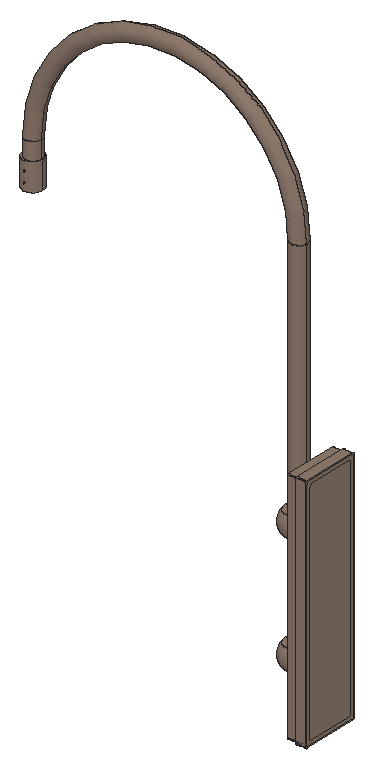
Revit family "WM161", category Generic Models, Revit 2014
Parameters
  WALL MOUNT = Bronze, Architectural
  COUPLING = Bronze, Architectural
  CANDY CANE = Bronze, Architectural
Reference planes (in)
  plane 1 "Center (Front/Back)": y = 0
  plane 2: z = 0
  plane 3 "Center (Left/Right)": x = 0
Forms (in)
  Revolve 1, solid, material "Bronze, Architectural" <- "CANDY CANE"
    sketch origin (0, 0, 0) x (1, 0, 0) y (0, 0, 1)
      loop
        arc (-0.82956, 11.83538) -> (-0.58659, 11.24879) -> (0, 11.00582) r 0.82956
        line (0, 11.00582) -> (0, 11.83538) -> (-0.82956, 11.83538)
      axis (0, 11.83538) -> (0, 11.00582)
    angle from 0 to 360
  Revolve 2, solid, material "Bronze, Architectural" <- "CANDY CANE"
    sketch origin (0, 0, 0) x (1, 0, 0) y (0, 0, 1)
      loop
        line (0, 51.75538) -> (-0.82956, 51.75538) -> (-0.82956, 11.83538) -> (0, 11.83538) -> (0, 51.75538)
      axis (0, 11.83538) -> (0, 51.75538)
    angle from 0 to 360
  Revolve 3, solid, material "Bronze, Architectural" <- "COUPLING"
    sketch origin (0, 0, 0) x (1, 0, 0) y (0, 0, 1)
      loop
        line (-27.32956, 51.75538) -> (-27.32956, 50.02288) -> (-27.49956, 50.02288) -> (-27.49956, 47.27288) -> (-26.49956, 47.27288) -> (-26.49956, 51.75538) -> (-27.32956, 51.75538)
      axis (-26.49956, 47.27288) -> (-26.49956, 51.75538)
    angle from 0 to 360
  Sweep 4, solid, material "Bronze, Architectural" <- "CANDY CANE"
    path origin (0, 0, 0) x (1, 0, 0) y (0, 0, 1)
      loop
        arc (0, 51.75538) -> (-13.24978, 65.00516) -> (-26.49956, 51.75538) r 13.24978
    profile origin (-13.24978, 0, 65.00516) x (0, 0, -1) y (0, -1, 0)
      loop
        circle (0, 0) r 0.82956
  Extrusion 5, solid, material "Bronze, Architectural" <- "WALL MOUNT"
    sketch origin (5.74008, -15.52427, -0.09771) x (0, 1, 0) y (0, 0, 1)
      loop
        arc (18.46177, 32.64788) -> (18.44347, 32.69208) -> (18.39927, 32.71038) r 0.0625
        line (18.39927, 32.71038) -> (12.64927, 32.71038)
        arc (12.64927, 32.71038) -> (12.60508, 32.69208) -> (12.58677, 32.64788) r 0.0625
        line (12.58677, 32.64788) -> (12.58677, 8.89788)
        arc (12.58677, 8.89788) -> (12.60508, 8.85369) -> (12.64927, 8.83538) r 0.0625
        line (12.64927, 8.83538) -> (18.39927, 8.83538)
        arc (18.39927, 8.83538) -> (18.44347, 8.85369) -> (18.46177, 8.89788) r 0.0625
        line (18.46177, 8.89788) -> (18.46177, 32.64788)
    from -3.65998 to -2.65998
  Extrusion 6, solid, material "Bronze, Architectural" <- "WALL MOUNT"
    sketch origin (5.74008, -15.52427, -0.09771) x (0, 1, 0) y (0, 0, 1)
      loop
        line (17.96177, 9.39788) -> (17.96177, 32.14788)
        arc (17.96177, 32.14788) -> (17.94347, 32.19208) -> (17.89927, 32.21038) r 0.0625
        line (17.89927, 32.21038) -> (13.14927, 32.21038)
        arc (13.14927, 32.21038) -> (13.10508, 32.19208) -> (13.08677, 32.14788) r 0.0625
        line (13.08677, 32.14788) -> (13.08677, 9.39788)
        arc (13.08677, 9.39788) -> (13.10508, 9.35369) -> (13.14927, 9.33538) r 0.0625
        line (13.14927, 9.33538) -> (17.89927, 9.33538)
        arc (17.89927, 9.33538) -> (17.94347, 9.35369) -> (17.96177, 9.39788) r 0.0625
    from -4.65998 to -2.65998
  Extrusion 7, solid, material "Bronze, Architectural" <- "WALL MOUNT"
    sketch origin (5.74008, -15.52427, -0.09771) x (0, 1, 0) y (0, 0, 1)
      loop
        line (18.33677, 9.02288) -> (18.33677, 32.52288)
        arc (18.33677, 32.52288) -> (18.31847, 32.56708) -> (18.27427, 32.58538) r 0.0625
        line (18.27427, 32.58538) -> (12.77427, 32.58538)
        arc (12.77427, 32.58538) -> (12.73008, 32.56708) -> (12.71177, 32.52288) r 0.0625
        line (12.71177, 32.52288) -> (12.71177, 9.02288)
        arc (12.71177, 9.02288) -> (12.73008, 8.97869) -> (12.77427, 8.96038) r 0.0625
        line (12.77427, 8.96038) -> (18.27427, 8.96038)
        arc (18.27427, 8.96038) -> (18.31847, 8.97869) -> (18.33677, 9.02288) r 0.0625
    from -4.59748 to -2.65998
  Revolve 8, void
    sketch origin (0, 0, 0) x (1, 0, 0) y (0, 0, 1)
      loop
        line (-27.37456, 47.27288) -> (-26.49956, 47.27288) -> (-26.49956, 49.77288) -> (-27.37456, 49.77288) -> (-27.37456, 47.27288)
      axis (-26.49956, 47.27288) -> (-26.49956, 49.77288)
    angle from 0 to 360
  Extrusion 9, void
    sketch origin (0, 0, 0) x (1, 0, 0) y (0, 0, 1)
      loop
        circle (-26.49956, 49.02288) r 0.125
      loop
        circle (-26.49956, 48.02288) r 0.125
    from -1.06682 to 1.05714
  Revolve 10, solid, material "Bronze, Architectural"
    sketch origin (0, 0, 0) x (1, 0, 0) y (0, 0, 1)
      loop
        arc (-1.32977, 27.71064) -> (-1.71155, 26.71064) -> (-1.32977, 25.71064) r 1.50056
        line (-1.32977, 25.71064) -> (0.00023, 25.71064) -> (0.00023, 27.71064) -> (-1.32977, 27.71064)
      axis (0.00023, 27.71064) -> (0.00023, 25.71064)
    angle from 0 to 360
  Revolve 11, solid, material "Bronze, Architectural"
    sketch origin (0, 0, -11.875) x (1, 0, 0) y (0, 0, 1)
      loop
        arc (-1.32977, 27.71064) -> (-1.71155, 26.71064) -> (-1.32977, 25.71064) r 1.50056
        line (-1.32977, 25.71064) -> (0.00023, 25.71064) -> (0.00023, 27.71064) -> (-1.32977, 27.71064)
      axis (0.00023, 27.71064) -> (0.00023, 25.71064)
    angle from 0 to 360
Cuts and joins
  Revolve 8, Extrusion 9 cuts Revolve 3
Dimensions and locks (in)
  aligned and locked: plane 2 to level
